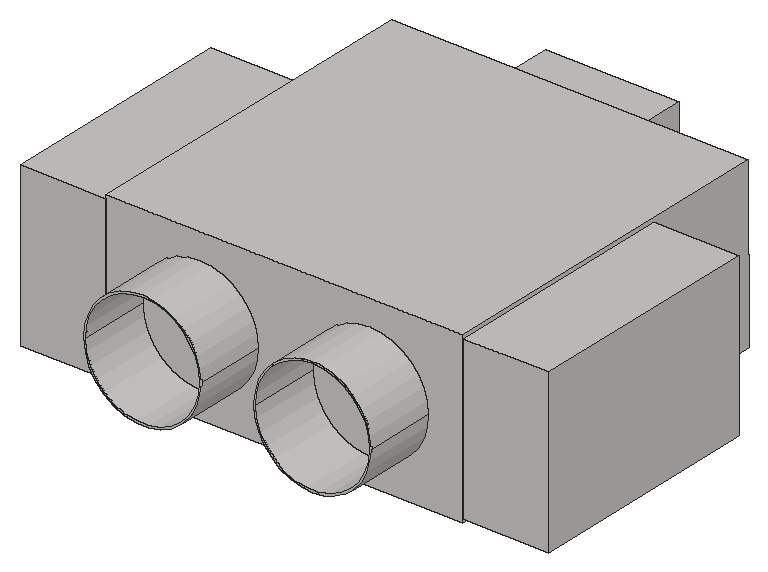
Revit family
Parameters
  Width = 2' - 3"
  Unit Weight = "98.0 lbs"
  URL = "http://www.titus-hvac.com/"
  UL = "181"
  SteriLoc Liner = Liner Option = 3  # no
  Outlet Width = 0' - 10 1/8"
  Outlet Height = 0' - 11 1/8"
  Nominal Width = Width + 1' 1"  # 3' - 4"
  Nominal Length = Length + Inlet Length + 0' 4"  # 3' - 0 3/8"
  Nominal Inlet Size = 0' - 9"
  Nominal Height = if(Height > 1' 0 1/4", Height, 1' 0 1/4")  # 1' - 0 3/4"
  NFPA = "90A"
  Model = "DEDV"
  Min. Air Flow = 0 CFM
  Max. Air Flow = 1050 CFM
  Material = Steel
  Manufacturer = "Titus"
  Liner Option = 0
  Length = 2' - 3"
  Inlet Void Radius = Inlet Radius - 0' 0 1/8"  # 0' - 4 5/16"
  Inlet Radius = Inlet Diameter / 2  # 0' - 4 7/16"
  Inlet Offset = 1' - 0 7/8"
  Inlet Length = 0' - 5 3/8"
  Inlet Diameter = Nominal Inlet Size - 0' 0 1/8"  # 0' - 8 7/8"
  Height = 1' - 0 3/4"
  Heat Air Pressure Drop [instance] = 0.00 in-wg
  Heat Air Flow [instance] = 0 CFM
  Fiber Free Liner = Liner Option = 2  # no
  Duct Radius = Nominal Inlet Size / 2  # 0' - 4 1/2"
  Design Air Flow [instance] = 0 CFM
  Description = "Dual Duct Terminal Unit, Direct Digital Control, Pressure Independent, with Integral Mixer/Attenuator"
  Cool Air Pressure Drop [instance] = 0.00 in-wg
  Cool Air Flow [instance] = 0 CFM
  CADworks URL = "www.CADworks.net"
  Assembly Code = "D3040100"
  1/2" Fiberglass Liner = Liner Option = 0  # yes
  1" Fiberglass Liner = Liner Option = 1  # no
Reference planes (in)
  plane 1 "Center (Front/Back)": y = 0
  plane 2: z = 0
  plane 3 "Center (Left/Right)": x = 0
  plane 4: x = 13.5
  plane 5: x = -13.5
  plane 6: y = 13.5
  plane 7: y = -13.5
  plane 8: z = 6.375
  plane 9: z = -6.375
  plane 10: x = -6.4375
  plane 11: x = 6.4375
  plane 12: y = -18.875
  plane 13: y = 17.5
  plane 14: x = -20
  plane 15: x = 20
Forms (in)
  Extrusion 1, solid, material "Steel" <- "Material"
    sketch origin (0, 70.5, 0) x (1, 0, 0) y (0, 0, 1)
      loop
        line (-13.5, 6.375) -> (-13.5, -6.375) -> (13.5, -6.375) -> (13.5, 6.375) -> (-13.5, 6.375)
    from 57 to 84
  Extrusion 2, solid, material "Steel" <- "Material"
    sketch origin (0, 6.5, 0) x (1, 0, 0) y (0, 0, 1)
      loop
        line (13.5, 6.125) -> (13.5, -6.125) -> (20, -6.125) -> (20, 6.125) -> (13.5, 6.125)
    from 2 to 20
  Extrusion 3, solid, material "Steel" <- "Material"
    sketch origin (0, 8.5, 0) x (-1, 0, 0) y (0, 0, -1)
      loop
        line (13.5, -6.125) -> (20, -6.125) -> (20, 6.125) -> (13.5, 6.125) -> (13.5, -6.125)
    from 4 to 22
  Extrusion 4, solid, material "Steel" <- "Material"
    sketch origin (-4.5, -19, 0) x (1, 0, 0) y (0, 0, 1)
      loop
        circle (-1.9375, 0) r 4.4375
    from -5.5 to -0.125
  Extrusion 5, solid, material "Steel" <- "Material"
    sketch origin (0, -6, 0) x (-1, 0, 0) y (0, 0, -1)
      loop
        circle (-6.4375, 0) r 4.4375
    from 7.5 to 12.875
  Extrusion 6, void
    sketch origin (0, -10.375, 0) x (1, 0, 0) y (0, 0, 1)
      loop
        circle (-6.4375, 0) r 4.3125
    from 3.125 to 8.5
  Extrusion 7, void
    sketch origin (0, 0, 0) x (1, 0, 0) y (0, 0, 1)
      loop
        circle (6.4375, 0) r 4.3125
    from 13.5 to 18.875
  Extrusion 8, solid, material "Steel" <- "Material"
    sketch origin (0, 23, 0) x (1, 0, 0) y (0, 0, 1)
      loop
        line (-5.0625, 5.5625) -> (-5.0625, -5.5625) -> (5.0625, -5.5625) -> (5.0625, 5.5625) -> (-5.0625, 5.5625)
    from 5.5 to 9.5
  Extrusion 9, void
    sketch origin (0, 34.5, 0) x (1, 0, 0) y (0, 0, 1)
      loop
        line (-4.9375, 5.4375) -> (-4.9375, -5.4375) -> (4.9375, -5.4375) -> (4.9375, 5.4375) -> (-4.9375, 5.4375)
    from 17 to 21
Cuts and joins
  Extrusion 6, Extrusion 7, Extrusion 9 cuts Extrusion 1
  Extrusion 6 cuts Extrusion 4
  Extrusion 7 cuts Extrusion 5
  Extrusion 9 cuts Extrusion 8
Dimensions and locks (in)
  "Length": plane 7 to plane 6
  equal spacing: plane 7, plane 1 "Center (Front/Back)", plane 6
  "Width": plane 5 to plane 4
  equal spacing: plane 5, plane 3 "Center (Left/Right)", plane 4
  "Height": plane 9 to plane 8
  equal spacing: plane 9, level, plane 8
  locked: Extrusion 2 to plane 7 at 18
  locked: Extrusion 2 to Extrusion 2 at 12.25
  equal spacing: Extrusion 2, plane 2, Extrusion 2
  locked: Extrusion 2 to plane 4 at 6.5
  locked: Extrusion 3 to Extrusion 3 at 12.25
  equal spacing: Extrusion 3, plane 2, Extrusion 3
  locked: Extrusion 3 to plane 5 at 6.5
  locked: Extrusion 3 to plane 7 at 18
  "Inlet Offset": plane 10 to plane 11
  equal spacing: plane 10, plane 3 "Center (Left/Right)", plane 11
  "Inlet Length": plane 7 to plane 12
  "Inlet Length": plane 7 to Extrusion 4
  "Inlet Length": Extrusion 5 to plane 7
  locked: plane 6 to plane 13 at 4
  "Outlet Width": Extrusion 8 sketch curve to Extrusion 8 sketch curve
  equal spacing: Extrusion 8 sketch curve, plane 3 "Center (Left/Right)", Extrusion 8 sketch curve
  locked: cut or joined group of Extrusion 8, Extrusion 9 to Extrusion 9 sketch curve at 0.125  (x3)
  locked: Extrusion 9 sketch curve to cut or joined group of Extrusion 8, Extrusion 9 at 0.125
  "Outlet Height": Extrusion 8 sketch curve to Extrusion 8 sketch curve
  equal spacing: Extrusion 8 sketch curve, plane 2, Extrusion 8 sketch curve
  "Nominal Width": plane 14 to plane 15
  plane 13 to plane 12 = 3' - 0 3/8"
  locked: plane 14 to plane 5 at 6.5
  plane 9 to cut or joined group of Extrusion 8, Extrusion 9 = 0' - 0 13/16"  (x3)
  plane 8 to cut or joined group of Extrusion 8, Extrusion 9 = 0' - 0 13/16"  (x2)
  "Inlet Radius": plane 11 to cut or joined group of Extrusion 5, Extrusion 7
  "Inlet Radius": cut or joined group of Extrusion 4, Extrusion 6 to plane 10
  "Inlet Radius": radius of Extrusion 4 sketch curve
  "Inlet Radius": radius of Extrusion 5 sketch curve
  "Inlet Void Radius": radius of Extrusion 6 sketch curve
  "Inlet Void Radius": radius of Extrusion 7 sketch curve
  aligned and locked: plane 6 to Extrusion 1
  aligned and locked: plane 4 to Extrusion 1
  aligned and locked: plane 5 to Extrusion 1
  aligned and locked: plane 7 to Extrusion 1
  aligned and locked: plane 8 to Extrusion 1
  aligned and locked: plane 7 to Extrusion 2
  aligned and locked: plane 7 to Extrusion 3
  aligned and locked: plane 12 to Extrusion 4
  aligned and locked: plane 7 to Extrusion 4
  aligned and locked: plane 7 to Extrusion 5
  aligned and locked: plane 6 to Extrusion 8
  aligned and locked: plane 13 to Extrusion 8
  aligned and locked: plane 12 to cut or joined group of Extrusion 4, Extrusion 6
  aligned and locked: plane 12 to cut or joined group of Extrusion 5, Extrusion 7
  aligned and locked: plane 13 to cut or joined group of Extrusion 8, Extrusion 9
  aligned and locked: plane 14 to Extrusion 3
  aligned and locked: plane 15 to Extrusion 2
  aligned and locked: cut or joined group of Extrusion 5, Extrusion 7 to cut or joined group of Extrusion 1, Extrusion 6, Extrusion 7, Extrusion 9
  aligned and locked: cut or joined group of Extrusion 4, Extrusion 6 to cut or joined group of Extrusion 1, Extrusion 6, Extrusion 7, Extrusion 9
  aligned and locked: cut or joined group of Extrusion 1, Extrusion 6, Extrusion 7, Extrusion 9 to cut or joined group of Extrusion 4, Extrusion 6  (x2)
  aligned and locked: plane 7 to Extrusion 7
  aligned and locked: Extrusion 7 to plane 12
  aligned and locked: plane 7 to Extrusion 6
  aligned and locked: Extrusion 6 to plane 12
  aligned and locked: Extrusion 9 to Extrusion 1
  aligned and locked: Extrusion 9 to plane 13
Automatic sketch dimensions
  Extrusion 1 sketch curve to plane 5 = 0' - 0"
  Extrusion 1 sketch curve to plane 4 = 0' - 0"
  Extrusion 1 sketch curve to plane 9 = 0' - 0"
  Extrusion 1 sketch curve to plane 8 = 0' - 0"
  Extrusion 2 sketch curve to plane 4 = 0' - 0"
  Extrusion 2 sketch curve to plane 9 = 0' - 0 1/4"
  Extrusion 2 sketch curve to Extrusion 2 sketch curve = 0' - 6 1/2"
  plane 8 to Extrusion 2 sketch curve = 0' - 0 1/4"
  Extrusion 3 sketch curve to plane 5 = 0' - 0"
  Extrusion 3 sketch curve to plane 9 = 0' - 0 1/4"
  Extrusion 3 sketch curve to Extrusion 3 sketch curve = 0' - 6 1/2"
  plane 8 to Extrusion 3 sketch curve = 0' - 0 1/4"
  Extrusion 4 sketch curve to level = 0' - 0"
  Extrusion 4 sketch curve to plane 10 = 0' - 0"
  Extrusion 5 sketch curve to level = 0' - 0"
  Extrusion 5 sketch curve to plane 11 = 0' - 0"
  Extrusion 6 sketch curve to level = 0' - 0"
  Extrusion 6 sketch curve to plane 10 = 0' - 0"
  Extrusion 7 sketch curve to level = 0' - 0"
  Extrusion 7 sketch curve to plane 11 = 0' - 0"
Connectors (in)
  hvac at (6.4375, -18.875, 0), driven by "Duct Radius", driven by "Cool Air Flow", driven by "Cool Air Pressure Drop"
    settings: on cut or joined group of Extrusion 5, Extrusion 7, index 1
  hvac at (-6.4375, -18.875, 0), driven by "Duct Radius", driven by "Heat Air Pressure Drop", driven by "Heat Air Flow"
    settings: on cut or joined group of Extrusion 4, Extrusion 6, index 2
  hvac at (0, 17.5, 0), driven by "Outlet Height", driven by "Outlet Width", driven by "Design Air Flow"
    settings: on cut or joined group of Extrusion 8, Extrusion 9, index 3
